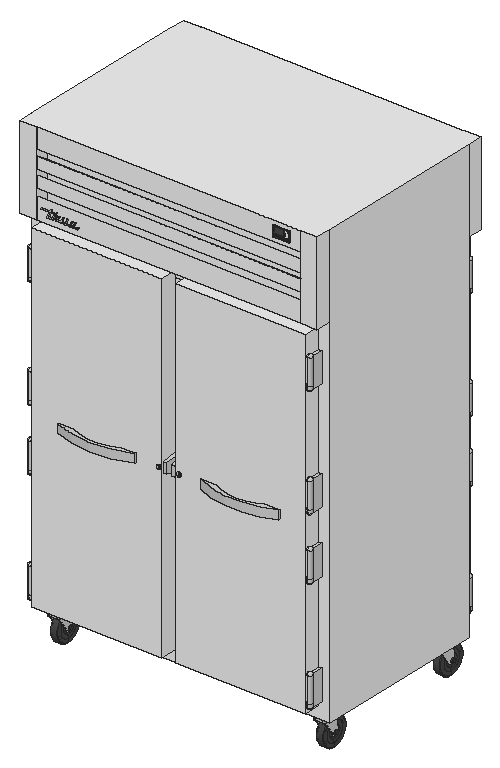
Revit family (continued)
Lines and regions (in)
  symbolic lines
    curve 29: arc (9.29375, 0, 0) -> (13.69375, 1.15816, 0) -> (18.09375, 0, 0) r 8.93715
    curve 30: arc (32.1625, 0.2, 0) -> (38.9625, 1.64405, 0) -> (45.7625, 0.2, 0) r 16.7325
    curve 31: line (32.1625, 0, 0) -> (32.1625, 0.2, 0)
    curve 32: line (45.7625, 0.2, 0) -> (45.7625, 0, 0)
    curve 33: arc (43.3625, 0, 0) -> (38.9625, 1.15816, 0) -> (34.5625, 0, 0) r 8.93715
    curve 38: arc (20.65, -36.325, 0) -> (13.69375, -37.83316, 0) -> (6.7375, -36.325, 0) r 16.7966
    curve 39: line (20.65, -36.125, 0) -> (20.65, -36.325, 0)
    curve 40: line (6.7375, -36.325, 0) -> (6.7375, -36.125, 0)
    curve 41: arc (9.1375, -36.125, 0) -> (13.69375, -37.36111, 0) -> (18.25, -36.125, 0) r 9.0151
    curve 42: arc (32.2875, -36.325, 0) -> (39.0875, -37.76905, 0) -> (45.8875, -36.325, 0) r 16.7325
    curve 43: line (32.2875, -36.125, 0) -> (32.2875, -36.325, 0)
    curve 44: line (45.8875, -36.325, 0) -> (45.8875, -36.125, 0)
    curve 45: arc (43.4875, -36.125, 0) -> (39.0875, -37.28316, 0) -> (34.6875, -36.125, 0) r 8.93715
    curve 46: line (52.625, -2.25, 0) -> (0, -2.25, 0)
  symbolic lines, style "SpecialityEquipmentHiddenLines", visible <- "Show Casters"
    curve 6: line (3.60602, -26.67571, 0) -> (5.06131, -27.42571, 0)
    curve 7: line (1.20097, -31.34243, 0) -> (3.60602, -26.67571, 0)
    curve 8: line (2.65626, -32.09243, 0) -> (1.20097, -31.34243, 0)
    curve 9: line (5.06131, -27.42571, 0) -> (2.65626, -32.09243, 0)
    curve 10: line (3.98222, -3.1708, 0) -> (5.43751, -4.09689, 0)
    curve 11: line (1.20097, -7.54134, 0) -> (3.98222, -3.1708, 0)
    curve 12: line (2.65626, -8.46743, 0) -> (1.20097, -7.54134, 0)
    curve 13: line (5.43751, -4.09689, 0) -> (2.65626, -8.46743, 0)
    curve 14: line (50.00722, -3.1708, 0) -> (51.30626, -3.9208, 0)
    curve 15: line (47.38222, -7.71743, 0) -> (50.00722, -3.1708, 0)
    curve 16: line (48.68126, -8.46743, 0) -> (47.38222, -7.71743, 0)
    curve 17: line (51.30626, -3.9208, 0) -> (48.68126, -8.46743, 0)
    curve 18: line (50.00722, -26.89987, 0) -> (51.30626, -27.64987, 0)
    curve 19: line (47.38222, -31.44651, 0) -> (50.00722, -26.89987, 0)
    curve 20: line (48.68126, -32.19651, 0) -> (47.38222, -31.44651, 0)
    curve 21: line (51.30626, -27.64987, 0) -> (48.68126, -32.19651, 0)
  symbolic lines, style "QF-Door Swings", visible <- "Show Clearance", detail levels coarse
    curve 22: line (50.53125, -36.125, 0) -> (50.53125, -59.0625, 0)
    curve 23: arc (50.53125, -59.0625, 0) -> (34.31199, -52.34426, 0) -> (27.59375, -36.125, 0) r 22.9375
    curve 24: line (2.25, -36.125, 0) -> (2.25, -59.0625, 0)
    curve 25: arc (2.25, -59.0625, 0) -> (18.46926, -52.34426, 0) -> (25.1875, -36.125, 0) r 22.9375
    curve 34: line (50.53125, 0, 0) -> (50.53125, 22.9375, 0)
    curve 35: arc (50.53125, 22.9375, 0) -> (34.31199, 16.21926, 0) -> (27.59375, 0, 0) r 22.9375
    curve 36: line (2.25, 0, 0) -> (2.25, 22.9375, 0)
    curve 37: arc (2.25, 22.9375, 0) -> (18.46926, 16.21926, 0) -> (25.1875, 0, 0) r 22.9375
Dimensions and locks (in)
  "Depth": plane 5 "FRONT" to plane 1 "BACK"
  plane 7 to level = 6 1/8"
  plane 6 "TOP" to level = 84 1/8"
  plane 6 "TOP" to plane 7 = 78"
  "Length": plane 3 "LEFT" to plane 4 "RIGHT"
  plane 4 "RIGHT" to plane 10 to plane 9 to plane 3 "LEFT" = 2 11/16", 46 15/16", 3"
  plane 4 "RIGHT" to plane 3 "LEFT" = 52 5/8"  (x4)
  equal spacing: plane 3 "LEFT", plane 12, plane 4 "RIGHT"
  equal spacing: plane 1 "BACK", plane 14, plane 5 "FRONT"
  cut or joined group of Extrusion 1, Extrusion 2, Extrusion 3, Extrusion 4, Extrusion 5 to cut or joined group of Extrusion 1, Extrusion 2, Extrusion 3, Extrusion 4, Extrusion 5 = 52 15/32"  (x2)
  Extrusion 92 to Extrusion 92 = 22 15/16"  (x2)
  Extrusion 94 to Extrusion 92 = 29 7/32"
  Extrusion 92 to Extrusion 94 = 29 7/32"
  Extrusion 92 to Extrusion 93 = 29 7/32"
  Extrusion 93 to Extrusion 92 = 29 7/32"
  Extrusion 60 to Extrusion 60 = 22 15/16"  (x2)
  Extrusion 60 to Extrusion 88 = 29 7/32"
  Extrusion 88 to Extrusion 60 = 29 7/32"
  Extrusion 60 to Extrusion 89 = 29 7/32"
  Extrusion 89 to Extrusion 60 = 29 7/32"
  aligned and locked: level to plane 2
Automatic sketch dimensions
  Extrusion 1 sketch curve to plane 3 "LEFT" = 0"
  Extrusion 1 sketch curve to plane 9 = 19/32"
  Extrusion 1 sketch curve to plane 5 "FRONT" = 2 3/4"
  plane 1 "BACK" to Extrusion 1 sketch curve = 2 3/4"
  Extrusion 2 sketch curve to plane 4 "RIGHT" = 0"
  plane 10 to Extrusion 2 sketch curve = 7/16"
  Extrusion 2 sketch curve to plane 5 "FRONT" = 2 3/4"
  plane 1 "BACK" to Extrusion 2 sketch curve = 2 3/4"
  Extrusion 3 sketch curve to plane 11 = 0"  (x4)
  Extrusion 3 sketch curve to plane 13 = 0"  (x4)
  Extrusion 3 sketch curve to plane 6 "TOP" = 0"
  plane 11 to Extrusion 3 sketch curve = 2.2042"
  Extrusion 3 sketch curve to Extrusion 3 sketch curve = 0"  (x3)
  Extrusion 3 sketch curve to plane 7 = 0"
  plane 11 to Extrusion 3 sketch curve = 2.7042"  (x2)
  plane 13 to Extrusion 3 sketch curve = 2.7042"  (x2)
  plane 13 to Extrusion 3 sketch curve = 2.2042"  (x2)
  plane 7 to Extrusion 3 sketch curve = 2 29/32"
  Extrusion 3 sketch curve to plane 6 "TOP" = 17 5/32"
  Extrusion 3 sketch curve to Extrusion 3 sketch curve = 2 17/32"  (x2)
  Extrusion 3 sketch curve to Extrusion 3 sketch curve = 2 1/8"  (x2)
  Extrusion 3 sketch curve to Extrusion 3 sketch curve = 1.27557"  (x4)
  Extrusion 3 sketch curve to Extrusion 3 sketch curve = 0.29169"  (x2)
  Extrusion 3 sketch curve to Extrusion 3 sketch curve = 2.0962"  (x4)
  Extrusion 3 sketch curve to Extrusion 3 sketch curve = 0.96076"  (x4)
  Extrusion 3 sketch curve to Extrusion 3 sketch curve = 2.13371"  (x4)
  Extrusion 3 sketch curve to Extrusion 3 sketch curve = 1.12227"  (x4)
  plane 1 "BACK" to Extrusion 4 sketch curve = 0"
  plane 5 "FRONT" to Extrusion 4 sketch curve = 0"
  Extrusion 4 sketch curve to plane 10 = 0.27718"  (x2)
  Extrusion 4 sketch curve to plane 4 "RIGHT" = 5/64"  (x2)
  Extrusion 4 sketch curve to plane 5 "FRONT" = 2 3/4"
  Extrusion 4 sketch curve to Extrusion 4 sketch curve = 2 3/4"
  plane 1 "BACK" to Extrusion 5 sketch curve = 0"
  plane 5 "FRONT" to Extrusion 5 sketch curve = 0"
  plane 3 "LEFT" to Extrusion 5 sketch curve = 5/64"  (x2)
  plane 9 to Extrusion 5 sketch curve = 0.08484"  (x2)
  Extrusion 5 sketch curve to plane 5 "FRONT" = 2 3/4"
  Extrusion 5 sketch curve to Extrusion 5 sketch curve = 2 3/4"
  Extrusion 6 sketch curve to plane 12 = 1 181/256"
  Extrusion 6 sketch curve to Extrusion 6 sketch curve = 9/256"
  Extrusion 6 sketch curve to Extrusion 6 sketch curve = 0.0555"  (x2)
  Extrusion 6 sketch curve to plane 8 = 1.85465"
  Extrusion 6 sketch curve to Extrusion 6 sketch curve = 0.02035"
  plane 7 to Extrusion 6 sketch curve = 31.64395"
  Extrusion 6 sketch curve to Extrusion 6 sketch curve = 0"
  Extrusion 6 sketch curve to Extrusion 6 sketch curve = 0.29355"  (x2)
  Extrusion 6 sketch curve to Extrusion 6 sketch curve = 0.27385"  (x2)
  plane 9 to Extrusion 7 sketch curve = 0.84582"
  Extrusion 7 sketch curve to Extrusion 7 sketch curve = 0.10565"  (x5)
  Extrusion 7 sketch curve to Extrusion 7 sketch curve = 1.03891"
  Extrusion 7 sketch curve to Extrusion 7 sketch curve = 0.04606"
  Extrusion 7 sketch curve to Extrusion 7 sketch curve = 0.04025"
  Extrusion 7 sketch curve to Extrusion 7 sketch curve = 0.33624"
  Extrusion 7 sketch curve to Extrusion 7 sketch curve = 0.03034"  (x2)
  Extrusion 7 sketch curve to Extrusion 7 sketch curve = 0.29274"
  Extrusion 7 sketch curve to Extrusion 7 sketch curve = 0.03232"
  Extrusion 7 sketch curve to Extrusion 7 sketch curve = 0.08083"
  Extrusion 7 sketch curve to Extrusion 7 sketch curve = 0.1527"
  Extrusion 7 sketch curve to Extrusion 7 sketch curve = 0.19721"
  Extrusion 7 sketch curve to Extrusion 7 sketch curve = 0.4629"
  Extrusion 7 sketch curve to Extrusion 7 sketch curve = 0.02197"
  Extrusion 7 sketch curve to Extrusion 7 sketch curve = 0.12632"
  Extrusion 7 sketch curve to Extrusion 7 sketch curve = 0.18591"
  Extrusion 7 sketch curve to Extrusion 7 sketch curve = 0.2322"
  Extrusion 7 sketch curve to Extrusion 7 sketch curve = 0.13786"
  Extrusion 7 sketch curve to Extrusion 7 sketch curve = 0.00907"
  Extrusion 7 sketch curve to Extrusion 7 sketch curve = 0.01413"
  Extrusion 7 sketch curve to Extrusion 7 sketch curve = 0.37162"
  Extrusion 7 sketch curve to Extrusion 7 sketch curve = 0.12551"
  Extrusion 7 sketch curve to Extrusion 7 sketch curve = 0.07633"
  Extrusion 7 sketch curve to Extrusion 7 sketch curve = 0.08445"
  Extrusion 7 sketch curve to Extrusion 7 sketch curve = 0.25598"
  Extrusion 7 sketch curve to Extrusion 7 sketch curve = 0.01887"
  Extrusion 7 sketch curve to Extrusion 7 sketch curve = 0.04061"
  Extrusion 7 sketch curve to Extrusion 7 sketch curve = 0.0653"
  Extrusion 7 sketch curve to Extrusion 7 sketch curve = 0.08474"
  Extrusion 7 sketch curve to Extrusion 7 sketch curve = 0.00815"
  Extrusion 7 sketch curve to Extrusion 7 sketch curve = 0.22037"
  Extrusion 7 sketch curve to Extrusion 7 sketch curve = 0.21921"
  Extrusion 7 sketch curve to Extrusion 7 sketch curve = 0.11572"
  Extrusion 7 sketch curve to Extrusion 7 sketch curve = 0.46643"
  Extrusion 7 sketch curve to Extrusion 7 sketch curve = 0.00535"
  Extrusion 7 sketch curve to Extrusion 7 sketch curve = 0.09269"
  Extrusion 7 sketch curve to Extrusion 7 sketch curve = 0.09348"
  Extrusion 7 sketch curve to Extrusion 7 sketch curve = 0.14812"
  Extrusion 7 sketch curve to Extrusion 7 sketch curve = 0.07778"  (x3)
  Extrusion 7 sketch curve to Extrusion 7 sketch curve = 0.20054"
  Extrusion 7 sketch curve to Extrusion 7 sketch curve = 0.04325"
  Extrusion 7 sketch curve to Extrusion 7 sketch curve = 0.32433"
  Extrusion 7 sketch curve to Extrusion 7 sketch curve = 0.10233"  (x2)
  Extrusion 7 sketch curve to Extrusion 7 sketch curve = 0.16515"
  Extrusion 7 sketch curve to Extrusion 7 sketch curve = 0.27321"
  Extrusion 7 sketch curve to Extrusion 7 sketch curve = 0.0526"
  Extrusion 7 sketch curve to Extrusion 7 sketch curve = 0.10005"
  Extrusion 7 sketch curve to Extrusion 7 sketch curve = 0.06912"
  Extrusion 7 sketch curve to Extrusion 7 sketch curve = 0.13276"
  Extrusion 7 sketch curve to Extrusion 7 sketch curve = 0.17486"
  Extrusion 7 sketch curve to Extrusion 7 sketch curve = 0.05291"
  Extrusion 7 sketch curve to Extrusion 7 sketch curve = 0.53374"
  Extrusion 7 sketch curve to Extrusion 7 sketch curve = 0.09914"  (x2)
  Extrusion 7 sketch curve to Extrusion 7 sketch curve = 0.15992"
  Extrusion 7 sketch curve to Extrusion 7 sketch curve = 0.46666"
  Extrusion 7 sketch curve to Extrusion 7 sketch curve = 0.00582"
  Extrusion 7 sketch curve to Extrusion 7 sketch curve = 0.08216"
  Extrusion 7 sketch curve to Extrusion 7 sketch curve = 0.16397"
  Extrusion 7 sketch curve to Extrusion 7 sketch curve = 0.12601"
  Extrusion 7 sketch curve to Extrusion 7 sketch curve = 0.1363"
  Extrusion 7 sketch curve to Extrusion 7 sketch curve = 0.02323"
  Extrusion 7 sketch curve to Extrusion 7 sketch curve = 0.03844"
  Extrusion 7 sketch curve to Extrusion 7 sketch curve = 0.0454"
  Extrusion 7 sketch curve to Extrusion 7 sketch curve = 0.05693"
  Extrusion 7 sketch curve to Extrusion 7 sketch curve = 0.0917"
  Extrusion 7 sketch curve to Extrusion 7 sketch curve = 0.01902"
  Extrusion 7 sketch curve to Extrusion 7 sketch curve = 0.02191"
  Extrusion 7 sketch curve to Extrusion 7 sketch curve = 0.0347"
  Extrusion 7 sketch curve to Extrusion 7 sketch curve = 0.06385"
  Extrusion 7 sketch curve to Extrusion 7 sketch curve = 0.02906"
  Extrusion 7 sketch curve to Extrusion 7 sketch curve = 0.02851"
  Extrusion 7 sketch curve to Extrusion 7 sketch curve = 0.29237"
  Extrusion 7 sketch curve to Extrusion 7 sketch curve = 0.00537"
  Extrusion 7 sketch curve to Extrusion 7 sketch curve = 0.0406"
  Extrusion 7 sketch curve to Extrusion 7 sketch curve = 0.04327"
  Extrusion 7 sketch curve to Extrusion 7 sketch curve = 0.02615"
  Extrusion 7 sketch curve to Extrusion 7 sketch curve = 0.11806"
  Extrusion 7 sketch curve to Extrusion 7 sketch curve = 0.15103"
  Extrusion 7 sketch curve to Extrusion 7 sketch curve = 0.10007"
  Extrusion 7 sketch curve to Extrusion 7 sketch curve = 0.5254"
  Extrusion 7 sketch curve to Extrusion 7 sketch curve = 0.14787"
  Extrusion 7 sketch curve to plane 6 "TOP" = 13.64562"
  Extrusion 7 sketch curve to Extrusion 7 sketch curve = 0.07275"
  Extrusion 7 sketch curve to Extrusion 7 sketch curve = 0.05776"
  Extrusion 7 sketch curve to Extrusion 7 sketch curve = 0.08631"
  Extrusion 7 sketch curve to Extrusion 7 sketch curve = 0.09282"
  Extrusion 7 sketch curve to Extrusion 7 sketch curve = 0.13018"
  Extrusion 7 sketch curve to Extrusion 7 sketch curve = 0.16714"
  Extrusion 7 sketch curve to Extrusion 7 sketch curve = 0.11061"
  Extrusion 7 sketch curve to Extrusion 7 sketch curve = 0.06046"
  Extrusion 7 sketch curve to Extrusion 7 sketch curve = 0.16548"
  Extrusion 7 sketch curve to Extrusion 7 sketch curve = 0.14279"
  Extrusion 7 sketch curve to Extrusion 7 sketch curve = 0.0496"
  Extrusion 7 sketch curve to Extrusion 7 sketch curve = 0.07293"
  Extrusion 7 sketch curve to Extrusion 7 sketch curve = 0.07764"
  Extrusion 7 sketch curve to Extrusion 7 sketch curve = 0.03794"
  Extrusion 7 sketch curve to Extrusion 7 sketch curve = 0.08552"
  Extrusion 7 sketch curve to Extrusion 7 sketch curve = 0.09296"
  Extrusion 7 sketch curve to Extrusion 7 sketch curve = 0.09314"
  Extrusion 7 sketch curve to Extrusion 7 sketch curve = 0.02781"
  Extrusion 7 sketch curve to Extrusion 7 sketch curve = 0.04981"
  Extrusion 7 sketch curve to Extrusion 7 sketch curve = 0.09315"
  Extrusion 7 sketch curve to Extrusion 7 sketch curve = 0.04799"
  Extrusion 7 sketch curve to Extrusion 7 sketch curve = 0.02531"
  Extrusion 7 sketch curve to Extrusion 7 sketch curve = 0.03054"
  Extrusion 7 sketch curve to Extrusion 7 sketch curve = 0.2589"
  Extrusion 7 sketch curve to Extrusion 7 sketch curve = 0.0674"
  Extrusion 7 sketch curve to Extrusion 7 sketch curve = 0.0324"
  Extrusion 7 sketch curve to Extrusion 7 sketch curve = 0.26185"
  Extrusion 7 sketch curve to Extrusion 7 sketch curve = 11/256"
  Extrusion 7 sketch curve to Extrusion 7 sketch curve = 0.07366"
  Extrusion 7 sketch curve to Extrusion 7 sketch curve = 0.02187"
  Extrusion 7 sketch curve to Extrusion 7 sketch curve = 0.06479"
  Extrusion 7 sketch curve to Extrusion 7 sketch curve = 0.01183"
  Extrusion 7 sketch curve to Extrusion 7 sketch curve = 0.05778"
  Extrusion 7 sketch curve to Extrusion 7 sketch curve = 0.53375"
  Extrusion 7 sketch curve to Extrusion 7 sketch curve = 0.23098"
  Extrusion 7 sketch curve to Extrusion 7 sketch curve = 0"
  Extrusion 7 sketch curve to Extrusion 7 sketch curve = 0.05045"
  Extrusion 7 sketch curve to Extrusion 7 sketch curve = 0.09139"
  Extrusion 7 sketch curve to Extrusion 7 sketch curve = 29/128"  (x3)
  Extrusion 8 sketch curve to plane 10 = 13/32"
  Extrusion 8 sketch curve to plane 6 "TOP" = 2 1/8"
  Blend 9 sketch curve to plane 12 = 1 1/8"  (x2)
  Blend 9 sketch curve to plane 12 = 3/8"
  plane 7 to Blend 9 sketch curve = 31.11669"
  Blend 9 sketch curve to Blend 9 sketch curve = 1 3/4"
  Blend 9 sketch curve to plane 12 = 0.19277"
  plane 7 to Blend 9 sketch curve = 30.5191"
  Blend 9 sketch curve to Blend 9 sketch curve = 2.78233"
  Blend 10 sketch curve to plane 8 = 1 9/32"
  Blend 10 sketch curve to plane 8 = 17/32"
  plane 7 to Blend 10 sketch curve = 32.86669"
  Blend 10 sketch curve to Blend 10 sketch curve = 1 3/4"
  plane 8 to Blend 10 sketch curve = 1 9/32"
  plane 8 to Blend 10 sketch curve = 0.34902"
  Blend 10 sketch curve to plane 7 = 30.5191"
  Blend 10 sketch curve to Blend 10 sketch curve = 2.78233"
  Extrusion 11 sketch curve to plane 5 "FRONT" = 1/2"
  Extrusion 11 sketch curve to Extrusion 11 sketch curve = 0.43503"
  Extrusion 11 sketch curve to Extrusion 11 sketch curve = 0.20453"
  Extrusion 11 sketch curve to Extrusion 11 sketch curve = 1.61044"
  Extrusion 11 sketch curve to plane 6 "TOP" = 24.88873"
  Extrusion 11 sketch curve to Extrusion 11 sketch curve = 0.71221"
  Extrusion 11 sketch curve to Extrusion 11 sketch curve = 4.39928"
  Revolve 12 sketch curve to plane 5 "FRONT" = 0.07771"  (x2)
  Revolve 12 sketch curve to Revolve 12 sketch curve = 0.38242"
  Revolve 12 sketch curve to Revolve 12 sketch curve = 0.38436"
  Revolve 12 sketch curve to plane 5 "FRONT" = 31/64"
  Revolve 12 sketch curve to Revolve 12 sketch curve = 0.40666"
  Revolve 12 sketch curve to Revolve 12 sketch curve = 0"
  Revolve 12 sketch curve to plane 6 "TOP" = 25.07719"
  Revolve 12 sketch curve to Revolve 12 sketch curve = 0.32931"
  Revolve 12 sketch curve to Revolve 12 sketch curve = 0.51246"
  Revolve 12 sketch curve to Revolve 12 sketch curve = 0.05342"
  Revolve 12 sketch curve to Revolve 12 sketch curve = 4.42889"
  Revolve 12 sketch curve to Revolve 12 sketch curve = 0.04281"
  Revolve 12 sketch curve to Revolve 12 sketch curve = 0.18929"
  Revolve 12 sketch curve to Revolve 12 sketch curve = 0.55526"
  Extrusion 13 sketch curve to plane 9 = 1.14759"
  Extrusion 13 sketch curve to Extrusion 13 sketch curve = 0.39759"
  Extrusion 13 sketch curve to plane 6 "TOP" = 24.12421"
  Extrusion 13 sketch curve to Extrusion 13 sketch curve = 4.47281"
  Extrusion 14 sketch curve to plane 5 "FRONT" = 1/2"
  Extrusion 14 sketch curve to Extrusion 14 sketch curve = 0.43503"
  Extrusion 14 sketch curve to Extrusion 14 sketch curve = 0.20453"
  Extrusion 14 sketch curve to Extrusion 14 sketch curve = 1.61044"
  plane 7 to Extrusion 14 sketch curve = 33.61127"
  Extrusion 14 sketch curve to Extrusion 14 sketch curve = 0.71221"
  Extrusion 14 sketch curve to Extrusion 14 sketch curve = 4.39928"
  Revolve 15 sketch curve to plane 5 "FRONT" = 0.07771"  (x2)
  Revolve 15 sketch curve to Revolve 15 sketch curve = 0.38242"
  Revolve 15 sketch curve to Revolve 15 sketch curve = 0.38436"
  Revolve 15 sketch curve to plane 5 "FRONT" = 31/64"
  Revolve 15 sketch curve to Revolve 15 sketch curve = 0.40666"
  Revolve 15 sketch curve to Revolve 15 sketch curve = 0"
  plane 7 to Revolve 15 sketch curve = 33.42281"
  Revolve 15 sketch curve to Revolve 15 sketch curve = 0.32931"
  Revolve 15 sketch curve to Revolve 15 sketch curve = 0.51246"
  Revolve 15 sketch curve to Revolve 15 sketch curve = 0.05342"
  Revolve 15 sketch curve to Revolve 15 sketch curve = 4.42889"
  Revolve 15 sketch curve to Revolve 15 sketch curve = 0.04281"
  Revolve 15 sketch curve to Revolve 15 sketch curve = 0.18929"
  Revolve 15 sketch curve to Revolve 15 sketch curve = 0.55526"
  Extrusion 16 sketch curve to plane 9 = 1.14759"
  Extrusion 16 sketch curve to Extrusion 16 sketch curve = 0.39759"
  plane 7 to Extrusion 16 sketch curve = 34.37579"
  Extrusion 16 sketch curve to Extrusion 16 sketch curve = 4.47281"
  Extrusion 17 sketch curve to plane 5 "FRONT" = 1/2"
  Extrusion 17 sketch curve to Extrusion 17 sketch curve = 0.43503"
  Extrusion 17 sketch curve to Extrusion 17 sketch curve = 0.20453"
  Extrusion 17 sketch curve to Extrusion 17 sketch curve = 1.61044"
  plane 7 to Extrusion 17 sketch curve = 22.61127"
  Extrusion 17 sketch curve to Extrusion 17 sketch curve = 0.71221"
  Extrusion 17 sketch curve to Extrusion 17 sketch curve = 4.39928"
  Revolve 18 sketch curve to plane 5 "FRONT" = 0.07771"  (x2)
  Revolve 18 sketch curve to Revolve 18 sketch curve = 0.38242"
  Revolve 18 sketch curve to Revolve 18 sketch curve = 0.38436"
  Revolve 18 sketch curve to plane 5 "FRONT" = 31/64"
  Revolve 18 sketch curve to Revolve 18 sketch curve = 0.40666"
  Revolve 18 sketch curve to Revolve 18 sketch curve = 0"
  plane 7 to Revolve 18 sketch curve = 22.42281"
  Revolve 18 sketch curve to Revolve 18 sketch curve = 0.32931"
  Revolve 18 sketch curve to Revolve 18 sketch curve = 0.51246"
  Revolve 18 sketch curve to Revolve 18 sketch curve = 0.05342"
  Revolve 18 sketch curve to Revolve 18 sketch curve = 4.42889"
  Revolve 18 sketch curve to Revolve 18 sketch curve = 0.04281"
  Revolve 18 sketch curve to Revolve 18 sketch curve = 0.18929"
  Revolve 18 sketch curve to Revolve 18 sketch curve = 0.55526"
  Extrusion 19 sketch curve to plane 9 = 1.14759"
  Extrusion 19 sketch curve to Extrusion 19 sketch curve = 0.39759"
  plane 7 to Extrusion 19 sketch curve = 23.37579"
  Extrusion 19 sketch curve to Extrusion 19 sketch curve = 4.47281"
  Extrusion 20 sketch curve to plane 5 "FRONT" = 1/2"
  Extrusion 20 sketch curve to Extrusion 20 sketch curve = 0.43503"
  Extrusion 20 sketch curve to Extrusion 20 sketch curve = 0.20453"
  Extrusion 20 sketch curve to Extrusion 20 sketch curve = 1.61044"
  plane 7 to Extrusion 20 sketch curve = 2.86127"
  Extrusion 20 sketch curve to Extrusion 20 sketch curve = 0.71221"
  Extrusion 20 sketch curve to Extrusion 20 sketch curve = 4.39928"
  Revolve 21 sketch curve to plane 5 "FRONT" = 0.07771"  (x2)
  Revolve 21 sketch curve to Revolve 21 sketch curve = 0.38242"
  Revolve 21 sketch curve to Revolve 21 sketch curve = 0.38436"
  Revolve 21 sketch curve to plane 5 "FRONT" = 31/64"
  Revolve 21 sketch curve to Revolve 21 sketch curve = 0.40666"
  Revolve 21 sketch curve to Revolve 21 sketch curve = 0"
  plane 7 to Revolve 21 sketch curve = 2.67281"
  Revolve 21 sketch curve to Revolve 21 sketch curve = 0.32931"
  Revolve 21 sketch curve to Revolve 21 sketch curve = 0.51246"
  Revolve 21 sketch curve to Revolve 21 sketch curve = 0.05342"
  Revolve 21 sketch curve to Revolve 21 sketch curve = 4.42889"
  Revolve 21 sketch curve to Revolve 21 sketch curve = 0.04281"
  Revolve 21 sketch curve to Revolve 21 sketch curve = 0.18929"
  Revolve 21 sketch curve to Revolve 21 sketch curve = 0.55526"
  Extrusion 22 sketch curve to plane 9 = 1.14759"
  Extrusion 22 sketch curve to Extrusion 22 sketch curve = 0.39759"
  plane 7 to Extrusion 22 sketch curve = 3.62579"
  Extrusion 22 sketch curve to Extrusion 22 sketch curve = 4.47281"
  Extrusion 23 sketch curve to plane 5 "FRONT" = 1/2"
  Extrusion 23 sketch curve to Extrusion 23 sketch curve = 0.43503"
  Extrusion 23 sketch curve to Extrusion 23 sketch curve = 0.20453"
  Extrusion 23 sketch curve to Extrusion 23 sketch curve = 1.61044"
  Extrusion 23 sketch curve to plane 6 "TOP" = 19.57271"
  Extrusion 23 sketch curve to Extrusion 23 sketch curve = 4.39928"
  Extrusion 23 sketch curve to Extrusion 23 sketch curve = 0.71221"
  Revolve 24 sketch curve to plane 5 "FRONT" = 0.07771"  (x2)
  Revolve 24 sketch curve to Revolve 24 sketch curve = 0.38242"
  Revolve 24 sketch curve to Revolve 24 sketch curve = 0.38436"
  Revolve 24 sketch curve to plane 5 "FRONT" = 31/64"
  Revolve 24 sketch curve to Revolve 24 sketch curve = 0.40666"
  Revolve 24 sketch curve to Revolve 24 sketch curve = 0"
  Revolve 24 sketch curve to plane 6 "TOP" = 18.75492"
  Revolve 24 sketch curve to Revolve 24 sketch curve = 0.55526"
  Revolve 24 sketch curve to Revolve 24 sketch curve = 0.19474"
  Revolve 24 sketch curve to Revolve 24 sketch curve = 0.14649"
  Revolve 24 sketch curve to Revolve 24 sketch curve = 4.42889"
  Revolve 24 sketch curve to Revolve 24 sketch curve = 0.05342"
  Revolve 24 sketch curve to Revolve 24 sketch curve = 0.51246"
  Revolve 24 sketch curve to Revolve 24 sketch curve = 0.05889"
  plane 10 to Extrusion 25 sketch curve = 0.99134"
  Extrusion 25 sketch curve to Extrusion 25 sketch curve = 0.39759"
  Extrusion 25 sketch curve to plane 6 "TOP" = 19.6514"
  Extrusion 25 sketch curve to Extrusion 25 sketch curve = 4.47281"
  Extrusion 26 sketch curve to plane 5 "FRONT" = 1/2"
  Extrusion 26 sketch curve to Extrusion 26 sketch curve = 0.43503"
  Extrusion 26 sketch curve to Extrusion 26 sketch curve = 0.20453"
  Extrusion 26 sketch curve to Extrusion 26 sketch curve = 1.61044"
  plane 7 to Extrusion 26 sketch curve = 38.92729"
  Extrusion 26 sketch curve to Extrusion 26 sketch curve = 4.39928"
  Extrusion 26 sketch curve to Extrusion 26 sketch curve = 0.71221"
  Revolve 27 sketch curve to plane 5 "FRONT" = 0.07771"  (x2)
  Revolve 27 sketch curve to Revolve 27 sketch curve = 0.38242"
  Revolve 27 sketch curve to Revolve 27 sketch curve = 0.38436"
  Revolve 27 sketch curve to plane 5 "FRONT" = 31/64"
  Revolve 27 sketch curve to Revolve 27 sketch curve = 0.40666"
  Revolve 27 sketch curve to Revolve 27 sketch curve = 0"
  Revolve 27 sketch curve to plane 6 "TOP" = 38.25492"
  Revolve 27 sketch curve to Revolve 27 sketch curve = 0.55526"
  Revolve 27 sketch curve to Revolve 27 sketch curve = 0.19474"
  Revolve 27 sketch curve to Revolve 27 sketch curve = 0.14649"
  Revolve 27 sketch curve to Revolve 27 sketch curve = 4.42889"
  Revolve 27 sketch curve to Revolve 27 sketch curve = 0.05342"
  Revolve 27 sketch curve to Revolve 27 sketch curve = 0.51246"
  Revolve 27 sketch curve to Revolve 27 sketch curve = 0.05889"
  plane 10 to Extrusion 28 sketch curve = 0.99134"
  Extrusion 28 sketch curve to Extrusion 28 sketch curve = 0.39759"
  plane 7 to Extrusion 28 sketch curve = 38.8486"
  Extrusion 28 sketch curve to Extrusion 28 sketch curve = 4.47281"
  Extrusion 29 sketch curve to plane 5 "FRONT" = 1/2"
  Extrusion 29 sketch curve to Extrusion 29 sketch curve = 0.43503"
  Extrusion 29 sketch curve to Extrusion 29 sketch curve = 0.20453"
  Extrusion 29 sketch curve to Extrusion 29 sketch curve = 1.61044"
  plane 7 to Extrusion 29 sketch curve = 27.92729"
  Extrusion 29 sketch curve to Extrusion 29 sketch curve = 4.39928"
  Extrusion 29 sketch curve to Extrusion 29 sketch curve = 0.71221"
  Revolve 30 sketch curve to plane 5 "FRONT" = 0.07771"  (x2)
  Revolve 30 sketch curve to Revolve 30 sketch curve = 0.38242"
  Revolve 30 sketch curve to Revolve 30 sketch curve = 0.38436"
  Revolve 30 sketch curve to plane 5 "FRONT" = 31/64"
  Revolve 30 sketch curve to Revolve 30 sketch curve = 0.40666"
  Revolve 30 sketch curve to Revolve 30 sketch curve = 0"
  plane 7 to Revolve 30 sketch curve = 28.74508"
  Revolve 30 sketch curve to Revolve 30 sketch curve = 0.55526"
  Revolve 30 sketch curve to Revolve 30 sketch curve = 0.19474"
  Revolve 30 sketch curve to Revolve 30 sketch curve = 0.14649"
  Revolve 30 sketch curve to Revolve 30 sketch curve = 4.42889"
  Revolve 30 sketch curve to Revolve 30 sketch curve = 0.05342"
  Revolve 30 sketch curve to Revolve 30 sketch curve = 0.51246"
  Revolve 30 sketch curve to Revolve 30 sketch curve = 0.05889"
  plane 10 to Extrusion 31 sketch curve = 0.99134"
  Extrusion 31 sketch curve to Extrusion 31 sketch curve = 0.39759"
  plane 7 to Extrusion 31 sketch curve = 27.8486"
  Extrusion 31 sketch curve to Extrusion 31 sketch curve = 4.47281"
  Extrusion 32 sketch curve to plane 5 "FRONT" = 1/2"
  Extrusion 32 sketch curve to Extrusion 32 sketch curve = 0.43503"
  Extrusion 32 sketch curve to Extrusion 32 sketch curve = 0.20453"
  Extrusion 32 sketch curve to Extrusion 32 sketch curve = 1.61044"
  plane 7 to Extrusion 32 sketch curve = 8.17729"
  plane 7 to Extrusion 32 sketch curve = 3.57348"
  Extrusion 32 sketch curve to Extrusion 32 sketch curve = 0.71221"
  Revolve 33 sketch curve to plane 5 "FRONT" = 0.07771"  (x2)
  Revolve 33 sketch curve to Revolve 33 sketch curve = 0.38242"
  Revolve 33 sketch curve to Revolve 33 sketch curve = 0.38436"
  Revolve 33 sketch curve to plane 5 "FRONT" = 31/64"
  Revolve 33 sketch curve to Revolve 33 sketch curve = 0.40666"
  Revolve 33 sketch curve to Revolve 33 sketch curve = 0"
  plane 7 to Revolve 33 sketch curve = 8.99508"
  Revolve 33 sketch curve to Revolve 33 sketch curve = 0.55526"
  Revolve 33 sketch curve to Revolve 33 sketch curve = 0.19474"
  Revolve 33 sketch curve to Revolve 33 sketch curve = 0.14649"
  plane 7 to Revolve 33 sketch curve = 3.62689"
  Revolve 33 sketch curve to Revolve 33 sketch curve = 0.05342"
  Revolve 33 sketch curve to Revolve 33 sketch curve = 0.51246"
  Revolve 33 sketch curve to Revolve 33 sketch curve = 0.05889"
  plane 10 to Extrusion 34 sketch curve = 0.99134"
  Extrusion 34 sketch curve to Extrusion 34 sketch curve = 0.39759"
  plane 7 to Extrusion 34 sketch curve = 8.0986"
  plane 7 to Extrusion 34 sketch curve = 3.62579"
  Revolve 35 sketch curve to plane 10 = 1.50773"
  Revolve 35 sketch curve to Revolve 35 sketch curve = 0.48273"
  Revolve 35 sketch curve to plane 10 = 5/8"  (x2)
  Revolve 35 sketch curve to Revolve 35 sketch curve = 0.1"  (x2)
  Revolve 35 sketch curve to Revolve 35 sketch curve = 0.16101"
  plane 10 to Revolve 35 sketch curve = 0.12908"
  plane 10 to Revolve 35 sketch curve = 0.46399"
  plane 10 to Revolve 35 sketch curve = 0.525"
  Revolve 35 sketch curve to Revolve 35 sketch curve = 1/2"
  Revolve 35 sketch curve to Revolve 35 sketch curve = 0.16509"
  Revolve 35 sketch curve to Revolve 35 sketch curve = 0.39592"
  level to Revolve 35 sketch curve = 2 1/2"
  Revolve 35 sketch curve to Revolve 35 sketch curve = 0"
  Revolve 35 sketch curve to Revolve 35 sketch curve = 0.29941"  (x2)
  Revolve 35 sketch curve to Revolve 35 sketch curve = 3/4"  (x4)
  Revolve 35 sketch curve to Revolve 35 sketch curve = 0.59652"
  Revolve 35 sketch curve to Revolve 35 sketch curve = 0.60059"
  Extrusion 36 sketch curve to plane 7 = 0.63926"  (x2)
  Extrusion 36 sketch curve to plane 5 "FRONT" = 3.79864"
  Extrusion 36 sketch curve to Extrusion 36 sketch curve = 1/4"  (x2)
  level to Extrusion 36 sketch curve = 2.18736"  (x2)
  Extrusion 36 sketch curve to Extrusion 36 sketch curve = 1.7492"
  Extrusion 36 sketch curve to Extrusion 36 sketch curve = 0.50669"  (x2)
  Extrusion 36 sketch curve to Extrusion 36 sketch curve = 2 1/2"
  level to Extrusion 36 sketch curve = 2.59003"
  Extrusion 36 sketch curve to Extrusion 36 sketch curve = 0.59966"  (x2)
  plane 1 "BACK" to Extrusion 36 sketch curve = 6.6077"
  plane 1 "BACK" to Extrusion 36 sketch curve = 4.6085"
  plane 1 "BACK" to Extrusion 36 sketch curve = 3.8577"
  Extrusion 36 sketch curve to Extrusion 36 sketch curve = 0.32905"
  Extrusion 36 sketch curve to Extrusion 36 sketch curve = 0.60485"  (x2)
  Extrusion 37 sketch curve to plane 7 = 0.63926"  (x2)
  Extrusion 37 sketch curve to plane 5 "FRONT" = 3.79864"
  Extrusion 37 sketch curve to Extrusion 37 sketch curve = 1/4"  (x2)
  level to Extrusion 37 sketch curve = 2.18736"  (x2)
  Extrusion 37 sketch curve to Extrusion 37 sketch curve = 1.7492"
  Extrusion 37 sketch curve to Extrusion 37 sketch curve = 0.50669"  (x2)
  Extrusion 37 sketch curve to Extrusion 37 sketch curve = 2 1/2"
  level to Extrusion 37 sketch curve = 2.59003"
  Extrusion 37 sketch curve to Extrusion 37 sketch curve = 0.59966"  (x2)
  plane 1 "BACK" to Extrusion 37 sketch curve = 6.6077"
  plane 1 "BACK" to Extrusion 37 sketch curve = 4.6085"
  plane 1 "BACK" to Extrusion 37 sketch curve = 3.8577"
  Extrusion 37 sketch curve to Extrusion 37 sketch curve = 0.32905"
  Extrusion 37 sketch curve to Extrusion 37 sketch curve = 0.60485"  (x2)
  Revolve 38 sketch curve to plane 10 = 0"  (x2)
  Revolve 38 sketch curve to plane 7 = 0.62954"
  Revolve 38 sketch curve to plane 10 = 1.29707"
  Revolve 38 sketch curve to Revolve 38 sketch curve = 0.10278"
  Revolve 38 sketch curve to plane 7 = 0.00141"
  plane 7 to Revolve 38 sketch curve = 0.26768"
  Revolve 39 sketch curve to level = 0"
  Revolve 39 sketch curve to plane 10 = 0"  (x2)
  Revolve 39 sketch curve to plane 10 = 1/2"
  Revolve 39 sketch curve to Revolve 39 sketch curve = 1/4"
  Revolve 39 sketch curve to plane 7 = 0"
  Revolve 39 sketch curve to Revolve 39 sketch curve = 1.33338"
  level to Revolve 39 sketch curve = 1"
  Revolve 39 sketch curve to Revolve 39 sketch curve = 5/8"
  plane 7 to Revolve 39 sketch curve = 1 25/32"
  Revolve 40 sketch curve to level = 0"
  Revolve 40 sketch curve to plane 10 = 0"  (x2)
  Revolve 40 sketch curve to plane 10 = 1/2"
  Revolve 40 sketch curve to Revolve 40 sketch curve = 1/4"
  Revolve 40 sketch curve to plane 7 = 0"
  Revolve 40 sketch curve to Revolve 40 sketch curve = 1.33338"
  level to Revolve 40 sketch curve = 1"
  Revolve 40 sketch curve to Revolve 40 sketch curve = 5/8"
  plane 7 to Revolve 40 sketch curve = 1 25/32"
  Revolve 41 sketch curve to plane 10 = 0"  (x2)
  Revolve 41 sketch curve to plane 7 = 0.62954"
  Revolve 41 sketch curve to plane 10 = 1.29707"
  Revolve 41 sketch curve to Revolve 41 sketch curve = 0.10278"
  Revolve 41 sketch curve to plane 7 = 0.00141"
  plane 7 to Revolve 41 sketch curve = 0.26768"
  Extrusion 42 sketch curve to plane 7 = 0.63926"  (x2)
  Extrusion 42 sketch curve to plane 5 "FRONT" = 3.79864"
  Extrusion 42 sketch curve to Extrusion 42 sketch curve = 1/4"  (x2)
  Extrusion 42 sketch curve to Extrusion 42 sketch curve = 2 1/2"
  Extrusion 42 sketch curve to plane 7 = 0.93273"  (x2)
  Extrusion 42 sketch curve to Extrusion 42 sketch curve = 0.03603"
  plane 1 "BACK" to Extrusion 42 sketch curve = 6.6077"
  Extrusion 42 sketch curve to plane 7 = 1.24411"
  plane 1 "BACK" to Extrusion 42 sketch curve = 3.8577"
  Revolve 43 sketch curve to plane 10 = 1.50773"
  Revolve 43 sketch curve to Revolve 43 sketch curve = 0.48273"
  Revolve 43 sketch curve to plane 10 = 5/8"  (x2)
  Revolve 43 sketch curve to Revolve 43 sketch curve = 0.1"  (x2)
  Revolve 43 sketch curve to Revolve 43 sketch curve = 0.16101"
  plane 10 to Revolve 43 sketch curve = 0.12908"
  plane 10 to Revolve 43 sketch curve = 0.46399"
  plane 10 to Revolve 43 sketch curve = 0.525"
  Revolve 43 sketch curve to Revolve 43 sketch curve = 1/2"
  Revolve 43 sketch curve to Revolve 43 sketch curve = 0.16509"
  Revolve 43 sketch curve to Revolve 43 sketch curve = 0.39592"
  level to Revolve 43 sketch curve = 2 1/2"
  Revolve 43 sketch curve to Revolve 43 sketch curve = 0"
  Revolve 43 sketch curve to Revolve 43 sketch curve = 0.29941"  (x2)
  Revolve 43 sketch curve to Revolve 43 sketch curve = 3/4"  (x4)
  Revolve 43 sketch curve to Revolve 43 sketch curve = 0.59652"
  Revolve 43 sketch curve to Revolve 43 sketch curve = 0.60059"
  plane 3 "LEFT" to Revolve 44 sketch curve = 1.33602"
  Revolve 44 sketch curve to Revolve 44 sketch curve = 0.48273"
  Revolve 44 sketch curve to plane 9 = 5/8"  (x2)
  Revolve 44 sketch curve to Revolve 44 sketch curve = 0.1"  (x2)
  Revolve 44 sketch curve to Revolve 44 sketch curve = 0.16101"
  plane 9 to Revolve 44 sketch curve = 0.12908"
  plane 9 to Revolve 44 sketch curve = 0.46399"
  plane 9 to Revolve 44 sketch curve = 0.525"
  Revolve 44 sketch curve to Revolve 44 sketch curve = 1/2"
  Revolve 44 sketch curve to Revolve 44 sketch curve = 0.16509"
  Revolve 44 sketch curve to Revolve 44 sketch curve = 0.39592"
  level to Revolve 44 sketch curve = 2 1/2"
  Revolve 44 sketch curve to Revolve 44 sketch curve = 0"
  Revolve 44 sketch curve to Revolve 44 sketch curve = 0.29941"  (x2)
  Revolve 44 sketch curve to Revolve 44 sketch curve = 3/4"  (x4)
  Revolve 44 sketch curve to Revolve 44 sketch curve = 0.59652"
  Revolve 44 sketch curve to Revolve 44 sketch curve = 0.60059"
  Extrusion 45 sketch curve to plane 7 = 0.63926"  (x2)
  Extrusion 45 sketch curve to plane 5 "FRONT" = 3.79864"
  Extrusion 45 sketch curve to Extrusion 45 sketch curve = 1/4"  (x2)
  level to Extrusion 45 sketch curve = 2.18736"  (x2)
  Extrusion 45 sketch curve to Extrusion 45 sketch curve = 1.7492"
  Extrusion 45 sketch curve to Extrusion 45 sketch curve = 0.50669"  (x2)
  Extrusion 45 sketch curve to Extrusion 45 sketch curve = 2 1/2"
  level to Extrusion 45 sketch curve = 2.59003"
  Extrusion 45 sketch curve to Extrusion 45 sketch curve = 0.59966"  (x2)
  plane 1 "BACK" to Extrusion 45 sketch curve = 6.6077"
  plane 1 "BACK" to Extrusion 45 sketch curve = 4.6085"
  plane 1 "BACK" to Extrusion 45 sketch curve = 3.8577"
  Extrusion 45 sketch curve to Extrusion 45 sketch curve = 0.32905"
  Extrusion 45 sketch curve to Extrusion 45 sketch curve = 0.60485"  (x2)
  Extrusion 46 sketch curve to plane 7 = 0.63926"  (x2)
  Extrusion 46 sketch curve to plane 5 "FRONT" = 3.79864"
  Extrusion 46 sketch curve to Extrusion 46 sketch curve = 1/4"  (x2)
  level to Extrusion 46 sketch curve = 2.18736"  (x2)
  Extrusion 46 sketch curve to Extrusion 46 sketch curve = 1.7492"
  Extrusion 46 sketch curve to Extrusion 46 sketch curve = 0.50669"  (x2)
  Extrusion 46 sketch curve to Extrusion 46 sketch curve = 2 1/2"
  level to Extrusion 46 sketch curve = 2.59003"
  Extrusion 46 sketch curve to Extrusion 46 sketch curve = 0.59966"  (x2)
  plane 1 "BACK" to Extrusion 46 sketch curve = 6.6077"
  plane 1 "BACK" to Extrusion 46 sketch curve = 4.6085"
  plane 1 "BACK" to Extrusion 46 sketch curve = 3.8577"
  Extrusion 46 sketch curve to Extrusion 46 sketch curve = 0.32905"
  Extrusion 46 sketch curve to Extrusion 46 sketch curve = 0.60485"  (x2)
  Revolve 47 sketch curve to plane 9 = 0"  (x2)
  Revolve 47 sketch curve to plane 7 = 0.62954"
  Revolve 47 sketch curve to plane 9 = 1.29707"
  Revolve 47 sketch curve to Revolve 47 sketch curve = 0.10278"
  Revolve 47 sketch curve to plane 7 = 0.00141"
  plane 7 to Revolve 47 sketch curve = 0.26768"
  Revolve 48 sketch curve to level = 0"
  Revolve 48 sketch curve to plane 9 = 0"  (x2)
  Revolve 48 sketch curve to plane 9 = 1/2"
  Revolve 48 sketch curve to Revolve 48 sketch curve = 1/4"
  Revolve 48 sketch curve to plane 7 = 0"
  Revolve 48 sketch curve to plane 9 = 1.33338"
  level to Revolve 48 sketch curve = 1"
  Revolve 48 sketch curve to Revolve 48 sketch curve = 5/8"
  plane 7 to Revolve 48 sketch curve = 1 25/32"
  Revolve 49 sketch curve to level = 0"
  Revolve 49 sketch curve to plane 9 = 0"  (x2)
  Revolve 49 sketch curve to plane 9 = 1/2"
  Revolve 49 sketch curve to Revolve 49 sketch curve = 1/4"
  Revolve 49 sketch curve to plane 7 = 0"
  Revolve 49 sketch curve to plane 9 = 1.33338"
  level to Revolve 49 sketch curve = 1"
  Revolve 49 sketch curve to Revolve 49 sketch curve = 5/8"
  plane 7 to Revolve 49 sketch curve = 1 25/32"
  Revolve 50 sketch curve to plane 9 = 0"  (x2)
  Revolve 50 sketch curve to plane 7 = 0.62954"
  Revolve 50 sketch curve to plane 9 = 1.29707"
  Revolve 50 sketch curve to Revolve 50 sketch curve = 0.10278"
  Revolve 50 sketch curve to plane 7 = 0.00141"
  plane 7 to Revolve 50 sketch curve = 0.26768"
  Extrusion 51 sketch curve to plane 7 = 0.63926"  (x2)
  Extrusion 51 sketch curve to plane 5 "FRONT" = 3.79864"
  Extrusion 51 sketch curve to Extrusion 51 sketch curve = 1/4"  (x2)
  Extrusion 51 sketch curve to Extrusion 51 sketch curve = 2 1/2"
  Extrusion 51 sketch curve to plane 7 = 0.93273"  (x2)
  Extrusion 51 sketch curve to Extrusion 51 sketch curve = 0.03603"
  plane 1 "BACK" to Extrusion 51 sketch curve = 6.6077"
  Extrusion 51 sketch curve to plane 7 = 1.24411"
  plane 1 "BACK" to Extrusion 51 sketch curve = 3.8577"
  plane 3 "LEFT" to Revolve 52 sketch curve = 1.33602"
  Revolve 52 sketch curve to Revolve 52 sketch curve = 0.48273"
  Revolve 52 sketch curve to plane 9 = 5/8"  (x2)
  Revolve 52 sketch curve to Revolve 52 sketch curve = 0.1"  (x2)
  Revolve 52 sketch curve to Revolve 52 sketch curve = 0.16101"
  plane 9 to Revolve 52 sketch curve = 0.12908"
  plane 9 to Revolve 52 sketch curve = 0.46399"
  plane 9 to Revolve 52 sketch curve = 0.525"
  Revolve 52 sketch curve to Revolve 52 sketch curve = 1/2"
  Revolve 52 sketch curve to Revolve 52 sketch curve = 0.16509"
  Revolve 52 sketch curve to Revolve 52 sketch curve = 0.39592"
  level to Revolve 52 sketch curve = 2 1/2"
  Revolve 52 sketch curve to Revolve 52 sketch curve = 0"
  Revolve 52 sketch curve to Revolve 52 sketch curve = 0.29941"  (x2)
  Revolve 52 sketch curve to Revolve 52 sketch curve = 3/4"  (x4)
  Revolve 52 sketch curve to Revolve 52 sketch curve = 0.59652"
  Revolve 52 sketch curve to Revolve 52 sketch curve = 0.60059"
  Extrusion 53 sketch curve to plane 6 "TOP" = 2.55982"
  Extrusion 53 sketch curve to plane 10 = 5.12093"
  Extrusion 53 sketch curve to plane 10 = 2.21468"
  Extrusion 53 sketch curve to plane 6 "TOP" = 13/16"
  Extrusion 54 sketch curve to plane 6 "TOP" = 3/4"
  Extrusion 54 sketch curve to plane 10 = 5.18343"
  Extrusion 54 sketch curve to Extrusion 54 sketch curve = 1/16"  (x4)
  Extrusion 54 sketch curve to Extrusion 54 sketch curve = 0.1375"  (x2)
  Extrusion 54 sketch curve to Extrusion 54 sketch curve = 1/4"  (x4)
  Extrusion 54 sketch curve to Extrusion 54 sketch curve = 0.44601"
  Extrusion 54 sketch curve to Extrusion 54 sketch curve = 1/2"  (x2)
  Extrusion 54 sketch curve to Extrusion 54 sketch curve = 0.0035"
  Extrusion 54 sketch curve to Extrusion 54 sketch curve = 1.06923"
  Extrusion 54 sketch curve to plane 6 "TOP" = 0.95"
  Extrusion 54 sketch curve to Extrusion 54 sketch curve = 1"
  Extrusion 54 sketch curve to Extrusion 54 sketch curve = 0.34106"  (x3)
  Extrusion 54 sketch curve to Extrusion 54 sketch curve = 0"
  Extrusion 54 sketch curve to Extrusion 54 sketch curve = 0.26876"
  Extrusion 56 sketch curve to plane 9 = 0"
  Extrusion 56 sketch curve to plane 5 "FRONT" = 5.09023"
  Extrusion 57 sketch curve to plane 9 = 0"
  plane 1 "BACK" to Extrusion 57 sketch curve = 5.44102"
  Extrusion 58 sketch curve to plane 10 = 0"
  plane 1 "BACK" to Extrusion 58 sketch curve = 5.44102"
  Extrusion 59 sketch curve to plane 10 = 0"
  Extrusion 59 sketch curve to plane 5 "FRONT" = 5.09023"
  Extrusion 60 sketch curve to plane 9 = 3/4"
  Extrusion 60 sketch curve to plane 12 = 1 1/8"
  Extrusion 60 sketch curve to plane 8 = 1 9/32"
  plane 10 to Extrusion 60 sketch curve = 19/32"
  Extrusion 60 sketch curve to plane 6 "TOP" = 16 5/32"  (x2)
  plane 7 to Extrusion 60 sketch curve = 1 29/32"  (x2)
  Extrusion 61 sketch curve to plane 12 = 1 197/256"
  Extrusion 61 sketch curve to Extrusion 61 sketch curve = 9/256"
  Extrusion 61 sketch curve to Extrusion 61 sketch curve = 0.0555"  (x2)
  Extrusion 61 sketch curve to plane 8 = 1.79215"
  Extrusion 61 sketch curve to Extrusion 61 sketch curve = 0.02035"
  plane 7 to Extrusion 61 sketch curve = 32.21135"
  Extrusion 61 sketch curve to Extrusion 61 sketch curve = 0"
  Extrusion 61 sketch curve to Extrusion 61 sketch curve = 0.27385"  (x2)
  Extrusion 61 sketch curve to Extrusion 61 sketch curve = 0.29355"  (x2)
  Blend 62 sketch curve to plane 12 = 1 1/8"  (x2)
  Blend 62 sketch curve to plane 12 = 3/8"
  plane 7 to Blend 62 sketch curve = 32.86669"
  Blend 62 sketch curve to Blend 62 sketch curve = 1 3/4"
  Blend 62 sketch curve to plane 12 = 0.19277"
  plane 7 to Blend 62 sketch curve = 33.30143"
  Blend 62 sketch curve to Blend 62 sketch curve = 2.78233"
  Blend 63 sketch curve to plane 8 = 1 9/32"  (x2)
  Blend 63 sketch curve to plane 8 = 17/32"
  plane 7 to Blend 63 sketch curve = 31.11669"
  Blend 63 sketch curve to Blend 63 sketch curve = 1 3/4"
  Blend 63 sketch curve to plane 8 = 0.34902"
  plane 7 to Blend 63 sketch curve = 30.5191"
  Blend 63 sketch curve to Blend 63 sketch curve = 2.78233"
  plane 1 "BACK" to Extrusion 64 sketch curve = 1/2"
  Extrusion 64 sketch curve to Extrusion 64 sketch curve = 0.43503"
  Extrusion 64 sketch curve to Extrusion 64 sketch curve = 0.20453"
  Extrusion 64 sketch curve to Extrusion 64 sketch curve = 1.61044"
  Extrusion 64 sketch curve to plane 6 "TOP" = 19.57271"
  Extrusion 64 sketch curve to Extrusion 64 sketch curve = 4.39928"
  Extrusion 64 sketch curve to Extrusion 64 sketch curve = 0.71221"
  plane 1 "BACK" to Revolve 65 sketch curve = 0.07771"  (x2)
  Revolve 65 sketch curve to Revolve 65 sketch curve = 0.38242"
  Revolve 65 sketch curve to Revolve 65 sketch curve = 0.38436"
  plane 1 "BACK" to Revolve 65 sketch curve = 31/64"
  Revolve 65 sketch curve to Revolve 65 sketch curve = 0.40666"
  Revolve 65 sketch curve to Revolve 65 sketch curve = 0"
  Revolve 65 sketch curve to plane 6 "TOP" = 18.75492"
  Revolve 65 sketch curve to Revolve 65 sketch curve = 0.55526"
  Revolve 65 sketch curve to Revolve 65 sketch curve = 0.19474"
  Revolve 65 sketch curve to Revolve 65 sketch curve = 0.14649"
  Revolve 65 sketch curve to Revolve 65 sketch curve = 4.42889"
  Revolve 65 sketch curve to Revolve 65 sketch curve = 0.05342"
  Revolve 65 sketch curve to Revolve 65 sketch curve = 0.51246"
  Revolve 65 sketch curve to Revolve 65 sketch curve = 0.05889"
  Extrusion 66 sketch curve to plane 9 = 1.14759"
  Extrusion 66 sketch curve to Extrusion 66 sketch curve = 0.39759"
  Extrusion 66 sketch curve to plane 6 "TOP" = 19.6514"
  Extrusion 66 sketch curve to Extrusion 66 sketch curve = 4.47281"
  plane 1 "BACK" to Extrusion 67 sketch curve = 1/2"
  Extrusion 67 sketch curve to Extrusion 67 sketch curve = 0.43503"
  Extrusion 67 sketch curve to Extrusion 67 sketch curve = 0.20453"
  Extrusion 67 sketch curve to Extrusion 67 sketch curve = 1.61044"
  plane 7 to Extrusion 67 sketch curve = 38.92729"
  Extrusion 67 sketch curve to Extrusion 67 sketch curve = 4.39928"
  Extrusion 67 sketch curve to Extrusion 67 sketch curve = 0.71221"
  plane 1 "BACK" to Revolve 68 sketch curve = 0.07771"  (x2)
  Revolve 68 sketch curve to Revolve 68 sketch curve = 0.38242"
  Revolve 68 sketch curve to Revolve 68 sketch curve = 0.38436"
  plane 1 "BACK" to Revolve 68 sketch curve = 31/64"
  Revolve 68 sketch curve to Revolve 68 sketch curve = 0.40666"
  Revolve 68 sketch curve to Revolve 68 sketch curve = 0"
  Revolve 68 sketch curve to plane 6 "TOP" = 38.25492"
  Revolve 68 sketch curve to Revolve 68 sketch curve = 0.55526"
  Revolve 68 sketch curve to Revolve 68 sketch curve = 0.19474"
  Revolve 68 sketch curve to Revolve 68 sketch curve = 0.14649"
  Revolve 68 sketch curve to Revolve 68 sketch curve = 4.42889"
  Revolve 68 sketch curve to Revolve 68 sketch curve = 0.05342"
  Revolve 68 sketch curve to Revolve 68 sketch curve = 0.51246"
  Revolve 68 sketch curve to Revolve 68 sketch curve = 0.05889"
  Extrusion 69 sketch curve to plane 9 = 1.14759"
  Extrusion 69 sketch curve to Extrusion 69 sketch curve = 0.39759"
  plane 7 to Extrusion 69 sketch curve = 38.8486"
  Extrusion 69 sketch curve to Extrusion 69 sketch curve = 4.47281"
  plane 1 "BACK" to Extrusion 70 sketch curve = 1/2"
  Extrusion 70 sketch curve to Extrusion 70 sketch curve = 0.43503"
  Extrusion 70 sketch curve to Extrusion 70 sketch curve = 0.20453"
  Extrusion 70 sketch curve to Extrusion 70 sketch curve = 1.61044"
  plane 7 to Extrusion 70 sketch curve = 27.92729"
  Extrusion 70 sketch curve to Extrusion 70 sketch curve = 4.39928"
  Extrusion 70 sketch curve to Extrusion 70 sketch curve = 0.71221"
  plane 1 "BACK" to Revolve 71 sketch curve = 0.07771"  (x2)
  Revolve 71 sketch curve to Revolve 71 sketch curve = 0.38242"
  Revolve 71 sketch curve to Revolve 71 sketch curve = 0.38436"
  plane 1 "BACK" to Revolve 71 sketch curve = 31/64"
  Revolve 71 sketch curve to Revolve 71 sketch curve = 0.40666"
  Revolve 71 sketch curve to Revolve 71 sketch curve = 0"
  plane 7 to Revolve 71 sketch curve = 28.74508"
  Revolve 71 sketch curve to Revolve 71 sketch curve = 0.55526"
  Revolve 71 sketch curve to Revolve 71 sketch curve = 0.19474"
  Revolve 71 sketch curve to Revolve 71 sketch curve = 0.14649"
  Revolve 71 sketch curve to Revolve 71 sketch curve = 4.42889"
  Revolve 71 sketch curve to Revolve 71 sketch curve = 0.05342"
  Revolve 71 sketch curve to Revolve 71 sketch curve = 0.51246"
  Revolve 71 sketch curve to Revolve 71 sketch curve = 0.05889"
  Extrusion 72 sketch curve to plane 9 = 1.14759"
  Extrusion 72 sketch curve to Extrusion 72 sketch curve = 0.39759"
  plane 7 to Extrusion 72 sketch curve = 27.8486"
  Extrusion 72 sketch curve to Extrusion 72 sketch curve = 4.47281"
  plane 1 "BACK" to Extrusion 73 sketch curve = 1/2"
  Extrusion 73 sketch curve to Extrusion 73 sketch curve = 0.43503"
  Extrusion 73 sketch curve to Extrusion 73 sketch curve = 0.20453"
  Extrusion 73 sketch curve to Extrusion 73 sketch curve = 1.61044"
  plane 7 to Extrusion 73 sketch curve = 8.17729"
  plane 7 to Extrusion 73 sketch curve = 3.57348"
  Extrusion 73 sketch curve to Extrusion 73 sketch curve = 0.71221"
  plane 1 "BACK" to Revolve 74 sketch curve = 0.07771"  (x2)
  Revolve 74 sketch curve to Revolve 74 sketch curve = 0.38242"
  Revolve 74 sketch curve to Revolve 74 sketch curve = 0.38436"
  plane 1 "BACK" to Revolve 74 sketch curve = 31/64"
  Revolve 74 sketch curve to Revolve 74 sketch curve = 0.40666"
  Revolve 74 sketch curve to Revolve 74 sketch curve = 0"
  plane 7 to Revolve 74 sketch curve = 8.99508"
  Revolve 74 sketch curve to Revolve 74 sketch curve = 0.55526"
  Revolve 74 sketch curve to Revolve 74 sketch curve = 0.19474"
  Revolve 74 sketch curve to Revolve 74 sketch curve = 0.14649"
  plane 7 to Revolve 74 sketch curve = 3.62689"
  Revolve 74 sketch curve to Revolve 74 sketch curve = 0.05342"
  Revolve 74 sketch curve to Revolve 74 sketch curve = 0.51246"
  Revolve 74 sketch curve to Revolve 74 sketch curve = 0.05889"
  Extrusion 75 sketch curve to plane 9 = 1.14759"
  Extrusion 75 sketch curve to Extrusion 75 sketch curve = 0.39759"
  plane 7 to Extrusion 75 sketch curve = 8.0986"
  plane 7 to Extrusion 75 sketch curve = 3.62579"
  plane 1 "BACK" to Extrusion 76 sketch curve = 1/2"
  Extrusion 76 sketch curve to Extrusion 76 sketch curve = 0.43503"
  Extrusion 76 sketch curve to Extrusion 76 sketch curve = 0.20453"
  Extrusion 76 sketch curve to Extrusion 76 sketch curve = 1.61044"
  Extrusion 76 sketch curve to plane 6 "TOP" = 24.88873"
  Extrusion 76 sketch curve to Extrusion 76 sketch curve = 0.71221"
  Extrusion 76 sketch curve to Extrusion 76 sketch curve = 4.39928"
  plane 1 "BACK" to Revolve 77 sketch curve = 0.07771"  (x2)
  Revolve 77 sketch curve to Revolve 77 sketch curve = 0.38242"
  Revolve 77 sketch curve to Revolve 77 sketch curve = 0.38436"
  plane 1 "BACK" to Revolve 77 sketch curve = 31/64"
  Revolve 77 sketch curve to Revolve 77 sketch curve = 0.40666"
  Revolve 77 sketch curve to Revolve 77 sketch curve = 0"
  Revolve 77 sketch curve to plane 6 "TOP" = 25.07719"
  Revolve 77 sketch curve to Revolve 77 sketch curve = 0.32931"
  Revolve 77 sketch curve to Revolve 77 sketch curve = 0.51246"
  Revolve 77 sketch curve to Revolve 77 sketch curve = 0.05342"
  Revolve 77 sketch curve to Revolve 77 sketch curve = 4.42889"
  Revolve 77 sketch curve to Revolve 77 sketch curve = 0.04281"
  Revolve 77 sketch curve to Revolve 77 sketch curve = 0.18929"
  Revolve 77 sketch curve to Revolve 77 sketch curve = 0.55526"
  plane 10 to Extrusion 78 sketch curve = 0.99134"
  Extrusion 78 sketch curve to Extrusion 78 sketch curve = 0.39759"
  Extrusion 78 sketch curve to plane 6 "TOP" = 24.12421"
  Extrusion 78 sketch curve to Extrusion 78 sketch curve = 4.47281"
  plane 1 "BACK" to Extrusion 79 sketch curve = 1/2"
  Extrusion 79 sketch curve to Extrusion 79 sketch curve = 0.43503"
  Extrusion 79 sketch curve to Extrusion 79 sketch curve = 0.20453"
  Extrusion 79 sketch curve to Extrusion 79 sketch curve = 1.61044"
  plane 7 to Extrusion 79 sketch curve = 33.61127"
  Extrusion 79 sketch curve to Extrusion 79 sketch curve = 0.71221"
  Extrusion 79 sketch curve to Extrusion 79 sketch curve = 4.39928"
  plane 1 "BACK" to Revolve 80 sketch curve = 0.07771"  (x2)
  Revolve 80 sketch curve to Revolve 80 sketch curve = 0.38242"
  Revolve 80 sketch curve to Revolve 80 sketch curve = 0.38436"
  plane 1 "BACK" to Revolve 80 sketch curve = 31/64"
  Revolve 80 sketch curve to Revolve 80 sketch curve = 0.40666"
  Revolve 80 sketch curve to Revolve 80 sketch curve = 0"
  plane 7 to Revolve 80 sketch curve = 33.42281"
  Revolve 80 sketch curve to Revolve 80 sketch curve = 0.32931"
  Revolve 80 sketch curve to Revolve 80 sketch curve = 0.51246"
  Revolve 80 sketch curve to Revolve 80 sketch curve = 0.05342"
  Revolve 80 sketch curve to Revolve 80 sketch curve = 4.42889"
  Revolve 80 sketch curve to Revolve 80 sketch curve = 0.04281"
  Revolve 80 sketch curve to Revolve 80 sketch curve = 0.18929"
  Revolve 80 sketch curve to Revolve 80 sketch curve = 0.55526"
  plane 10 to Extrusion 81 sketch curve = 0.99134"
  Extrusion 81 sketch curve to Extrusion 81 sketch curve = 0.39759"
  plane 7 to Extrusion 81 sketch curve = 34.37579"
  Extrusion 81 sketch curve to Extrusion 81 sketch curve = 4.47281"
  plane 1 "BACK" to Extrusion 82 sketch curve = 1/2"
  Extrusion 82 sketch curve to Extrusion 82 sketch curve = 0.43503"
  Extrusion 82 sketch curve to Extrusion 82 sketch curve = 0.20453"
  Extrusion 82 sketch curve to Extrusion 82 sketch curve = 1.61044"
  plane 7 to Extrusion 82 sketch curve = 22.61127"
  Extrusion 82 sketch curve to Extrusion 82 sketch curve = 0.71221"
  Extrusion 82 sketch curve to Extrusion 82 sketch curve = 4.39928"
  plane 1 "BACK" to Revolve 83 sketch curve = 0.07771"  (x2)
  Revolve 83 sketch curve to Revolve 83 sketch curve = 0.38242"
  Revolve 83 sketch curve to Revolve 83 sketch curve = 0.38436"
  plane 1 "BACK" to Revolve 83 sketch curve = 31/64"
  Revolve 83 sketch curve to Revolve 83 sketch curve = 0.40666"
  Revolve 83 sketch curve to Revolve 83 sketch curve = 0"
  plane 7 to Revolve 83 sketch curve = 22.42281"
  Revolve 83 sketch curve to Revolve 83 sketch curve = 0.32931"
  Revolve 83 sketch curve to Revolve 83 sketch curve = 0.51246"
  Revolve 83 sketch curve to Revolve 83 sketch curve = 0.05342"
  Revolve 83 sketch curve to Revolve 83 sketch curve = 4.42889"
  Revolve 83 sketch curve to Revolve 83 sketch curve = 0.04281"
  Revolve 83 sketch curve to Revolve 83 sketch curve = 0.18929"
  Revolve 83 sketch curve to Revolve 83 sketch curve = 0.55526"
  plane 10 to Extrusion 84 sketch curve = 0.99134"
  Extrusion 84 sketch curve to Extrusion 84 sketch curve = 0.39759"
  plane 7 to Extrusion 84 sketch curve = 23.37579"
  Extrusion 84 sketch curve to Extrusion 84 sketch curve = 4.47281"
  plane 1 "BACK" to Extrusion 85 sketch curve = 1/2"
  Extrusion 85 sketch curve to Extrusion 85 sketch curve = 0.43503"
  Extrusion 85 sketch curve to Extrusion 85 sketch curve = 0.20453"
  Extrusion 85 sketch curve to Extrusion 85 sketch curve = 1.61044"
  plane 7 to Extrusion 85 sketch curve = 2.86127"
  Extrusion 85 sketch curve to Extrusion 85 sketch curve = 0.71221"
  Extrusion 85 sketch curve to Extrusion 85 sketch curve = 4.39928"
  plane 1 "BACK" to Revolve 86 sketch curve = 0.07771"  (x2)
  Revolve 86 sketch curve to Revolve 86 sketch curve = 0.38242"
  Revolve 86 sketch curve to Revolve 86 sketch curve = 0.38436"
  plane 1 "BACK" to Revolve 86 sketch curve = 31/64"
  Revolve 86 sketch curve to Revolve 86 sketch curve = 0.40666"
  Revolve 86 sketch curve to Revolve 86 sketch curve = 0"
  plane 7 to Revolve 86 sketch curve = 2.67281"
  Revolve 86 sketch curve to Revolve 86 sketch curve = 0.32931"
  Revolve 86 sketch curve to Revolve 86 sketch curve = 0.51246"
  Revolve 86 sketch curve to Revolve 86 sketch curve = 0.05342"
  Revolve 86 sketch curve to Revolve 86 sketch curve = 4.42889"
  Revolve 86 sketch curve to Revolve 86 sketch curve = 0.04281"
  Revolve 86 sketch curve to Revolve 86 sketch curve = 0.18929"
  Revolve 86 sketch curve to Revolve 86 sketch curve = 0.55526"
  plane 10 to Extrusion 87 sketch curve = 0.99134"
  Extrusion 87 sketch curve to Extrusion 87 sketch curve = 0.39759"
